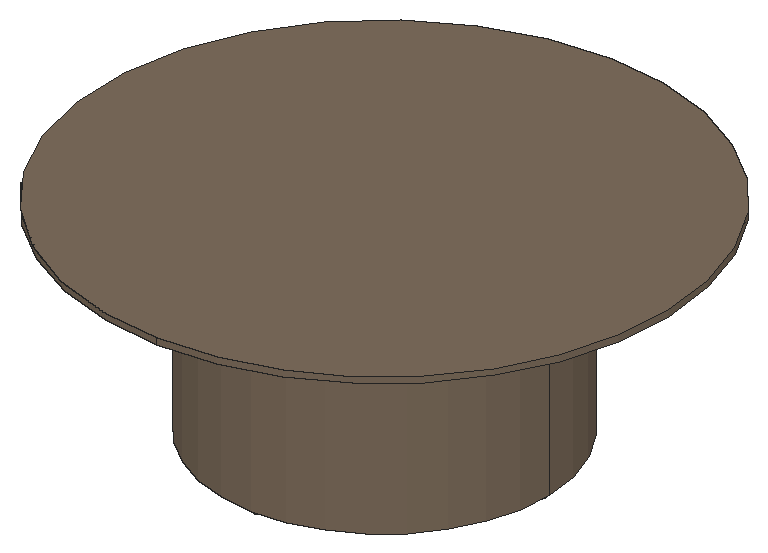
Revit family "Table-Teknion-CFRSTD_Figure_Table_Round_Drum_Base_Subtop-R2023", category Furniture, Revit 2023
Family settings
  OmniClass Number = 23.40.20.00
  OmniClass Title = General Furniture and Specialties
  Work Plane-Based = No
  Enable Cutting in Views = No
  Always vertical = Yes
  Cut with Voids When Loaded = No
  Render Appearance Source = Family Geometry
  Shared = Yes
  Room Calculation Point = No
Parameters (values of type "Round Table, Drum Base, Subtop")
  Width [instance] = Size - 16.000"  # 74.000"
  Warranty = "http://www.teknion.com/ca/papers/legal-canada"
  Unit Weight URL = "http://www.teknion.com/ca/tools/assets#&asset=bee6a381-b954-425e-8283-5a2de3a804f2,f828d448-4b62-4231-9e5f-9a8991c0ed77"
  URL = "www.teknion.com"
  To render please download texture images found here [instance] = "https://assets.teknion.com/web/5e81352c1dfdb467/revit-material-swatches/"
  Sustainability Data = "https://www.teknion.com/ca/tools/assets#&topic=216f99a5-57a0-44fc-b10a-9dee9b29ae4c&asset=444deb64-fe58-4b68-981e-f75e97781df7,b4ff2d81-9f2e-437d-9659-7cffb09c31cf"
  Size [instance] = 90.000"
  Series = "Custom Wood"  # constant formula
  Product Page URL = "https://www.teknion.com/ca/products/product-details?productLineId=f182336e-8e7a-673b-a6c8-ff00004460c4"
  Product Line = "Figure - Square Table"  # constant formula
  Product Documentation Link = "https://d2r72yk5wmppdj.cloudfront.net/m/7b6608f508e3c5a8/Community_Table_Cut_Sheet.pdf"
  Part Number = "CFRSTD"  # constant formula
  Model = "CFRSTD__"  # constant formula
  Manufacturer Phone = "416-661-3370"  # constant formula
  Manufacturer Fax = "416.661.4586"  # constant formula
  Manufacturer Contact Information = "http://www.teknion.com/ca/contactus"
  Manufacturer Address = "1150 Flint Road, Toronto, ON. M3J 2J5. Canada"  # constant formula
  Manufacturer = "Teknion"  # constant formula
  How To Use Teknion Materials User Guide [instance] = "https://assets.teknion.com/m/205dd0a49fa58060/original/How-to-add-a-Material-Library-and-Texture-Images-to-your-Revit-project.pdf"
  Glide Finish [instance] = Paint - Teknion - 52 - Ebony
  For Additional Finishes please visit [instance] = "https://assets.teknion.com/m/44a8009b046e5d47/original/Teknion_Materials_Library.zip"
  Description = "Figure Table, Round, Drum Base, Subtop"
  Default Elevation = 0.000"
  Base Size [instance] = if(Size < 61.000", 12.500", if(Size > 83.000", 21.500", if(Size = 78.000", 18.500", 15.500")))  # 21.500"
  Base Finish [instance] = Veneer-Teknion-UM-Natural_Veneer_V2-Dark_Brown_Cherry
  Available Size [instance] = "48\", 54\", 60\", 66\", 72\", 78\", 84\", 90\""  # constant formula
  Assembly Code = "E2020200"
Reference planes (in)
  plane 1 "Center Front/Back": y = 0
  plane 2: z = 0
  plane 3 "Center Left/Right": x = 0
  plane 4 "Left": x = -37
  plane 5 "Right": x = 37
  plane 6 "Back": y = 37
  plane 7 "Front": y = -37
  plane 8 "Top": z = 27.5
  plane 9: x = -20.5
  plane 10: y = 20.5
  plane 11: x = 20.5
  plane 12: y = -20.5
  plane 13: x = -21.5
  plane 14: y = 21.5
  plane 15: x = 21.5
  plane 16: y = -21.5
Forms (in)
  Sweep 1, solid, material "Veneer-Teknion-UM-Natural_Veneer_V2-Dark_Brown_Cherry" <- "Base Finish"
    path origin (0, 0, 0) x (1, 0, 0) y (0, 0, 1)
      loop
        line (0, 26.75) -> (0, 27.5)
    profile origin (0, 0, 27.125) x (-1, 0, 0) y (0, -1, 0)
      loop
        circle (0, 0) r 37
  Revolve 2, solid, material "Veneer-Teknion-UM-Natural_Veneer_V2-Dark_Brown_Cherry" <- "Base Finish"
    sketch origin (0, 0, 0) x (1, 0, 0) y (0, 0, 1)
      loop
        line (-17.25, 1.25) -> (-21.25, 1.25) -> (-21.25, 26) -> (-17.25, 26) -> (-17.25, 26.75) -> (-21.5, 26.75) -> (-21.5, 0.5) -> (-17.25, 0.5) -> (-17.25, 1.25)
      axis (0, 0.5) -> (0, 26.75)
    angle from 0 to 360
Lines and regions (in)
  Masking region 1
    outline origin (0, 0, 0) x (1, 0, 0) y (0, 1, 0)
      loop
        circle (0, 0) r 37
  symbolic lines, style "FurnitureHiddenLines", detail levels medium+fine
    curve 1: arc (-21.5, 0, 0) -> (0, 21.5, 0) -> (21.5, 0, 0) r 21.5
    curve 2: arc (21.5, 0, 0) -> (0, -21.5, 0) -> (-21.5, 0, 0) r 21.5
    curve 3: arc (21.25, 0, 0) -> (0, -21.25, 0) -> (-21.25, 0, 0) r 21.25
    curve 4: arc (-21.25, 0, 0) -> (0, 21.25, 0) -> (21.25, 0, 0) r 21.25
    curve 5: arc (-17.25, 0, 0) -> (0, 17.25, 0) -> (17.25, 0, 0) r 17.25
    curve 6: arc (17.25, 0, 0) -> (0, -17.25, 0) -> (-17.25, 0, 0) r 17.25
  reference lines
    curve 7: line (-37, 37, 0) -> (37, 37, 0)
    curve 8: line (-37, 37, 0) -> (-37, -37, 0)
    curve 9: line (37, 37, 0) -> (37, -37, 0)
    curve 10: line (-37, -37, 0) -> (37, -37, 0)
Dimensions and locks (in)
  "Width": plane 4 "Left" to plane 5 "Right"
  "Width": plane 6 "Back" to plane 7 "Front"
  plane 8 "Top" to level = 27.500"
  equal spacing: plane 4 "Left", plane 3 "Center Left/Right", plane 5 "Right"
  equal spacing: plane 6 "Back", plane 1 "Center Front/Back", plane 7 "Front"
  locked: plane 8 "Top" to Sweep 1 sketch curve at 0.75
  plane 3 "Center Left/Right" to Sweep 1 sketch curve to Sweep 1 sketch curve = 0.000" locked, 0.000" locked
  Revolve 2 sketch curve to Revolve 2 sketch curve to Revolve 2 sketch curve to Revolve 2 sketch curve to plane 2 = 0.750" locked, 24.750" locked, 0.750" locked, 0.500" locked
  locked: plane 14 to plane 10 at 1
  locked: plane 11 to plane 15 at 1
  locked: plane 12 to plane 16 at 1
  locked: plane 13 to plane 9 at 1
  "Base Size": plane 13 to plane 3 "Center Left/Right"
  "Base Size": plane 16 to plane 1 "Center Front/Back"
  "Base Size": plane 3 "Center Left/Right" to plane 15
  "Base Size": plane 1 "Center Front/Back" to plane 14
  Revolve 2 sketch curve to Revolve 2 sketch curve to Revolve 2 sketch curve to plane 13 = 0.000" locked, 4.000" locked, 0.250" locked
  locked: nested 3 to plane 2 at 0.5
  locked: nested 1 to plane 2 at 0.5
  locked: nested 4 to plane 2 at 0.5
  locked: nested 2 to plane 2 at 0.5
  aligned and locked: level to plane 2
  aligned and locked: plane 3 "Center Left/Right" to Sweep 1 sketch curve
  aligned and locked: plane 8 "Top" to Sweep 1 sketch curve
  aligned and locked: plane 6 "Back" to Sweep 1 sketch curve
  aligned and locked: plane 7 "Front" to Sweep 1 sketch curve
  aligned and locked: plane 3 "Center Left/Right" to Revolve 2 sketch curve
  aligned and locked: plane 3 "Center Left/Right" to nested 1
  aligned and locked: plane 12 to nested 1
  aligned and locked: plane 1 "Center Front/Back" to nested 3
  aligned and locked: plane 1 "Center Front/Back" to nested 2
  aligned and locked: plane 11 to nested 2
  aligned and locked: nested 3 to plane 9
  aligned and locked: plane 3 "Center Left/Right" to nested 4
  aligned and locked: nested 4 to plane 10
  aligned and locked: plane 13 to Revolve 2 sketch curve
  aligned and locked: Masking region 1 sketch curve to Sweep 1  (x2)
  aligned and locked: curve 1 to Revolve 2
  aligned and locked: curve 2 to Revolve 2
  aligned and locked: curve 3 to Revolve 2
  aligned and locked: curve 4 to Revolve 2
  aligned and locked: curve 5 to Revolve 2
  aligned and locked: curve 6 to Revolve 2
  aligned and locked: plane 1 "Center Front/Back" to nested 5
  aligned and locked: plane 3 "Center Left/Right" to nested 5
  aligned and locked: curve 7 to plane 6 "Back"
  aligned and locked: curve 8 to plane 4 "Left"
  aligned and locked: curve 9 to plane 5 "Right"
  aligned and locked: curve 10 to plane 7 "Front"
Automatic sketch dimensions
  Revolve 2 sketch curve to plane 8 "Top" = 7.750"
  plane 8 "Top" to Revolve 2 sketch curve = 5.250"
Nested families (in)
  nested 1: "Family2" at (0, -20.5, 0), Glide Finish <- "Glide Finish", type "Glide"
    with To render please download texture images found here "https://assets.teknion.com/web/5e81352c1dfdb467/revit-material-swatches/", How To Use Teknion Materials User Guide "https://assets.teknion.com/m/205dd0a49fa58060/original/How-to-add-a-Material-Library-and-Texture-Images-to-your-Revit-project.pdf", Glide Finish Paint - Teknion - 52 - Ebony, For Additional Finishes please visit "https://assets.teknion.com/m/44a8009b046e5d47/original/Teknion_Materials_Library.zip"
  nested 2: "Family2" at (20.5, 0, 0), Glide Finish <- "Glide Finish", type "Glide"
    with To render please download texture images found here "https://assets.teknion.com/web/5e81352c1dfdb467/revit-material-swatches/", How To Use Teknion Materials User Guide "https://assets.teknion.com/m/205dd0a49fa58060/original/How-to-add-a-Material-Library-and-Texture-Images-to-your-Revit-project.pdf", Glide Finish Paint - Teknion - 52 - Ebony, For Additional Finishes please visit "https://assets.teknion.com/m/44a8009b046e5d47/original/Teknion_Materials_Library.zip"
  nested 3: "Family2" at (-20.5, 0, 0), Glide Finish <- "Glide Finish", type "Glide"
    with To render please download texture images found here "https://assets.teknion.com/web/5e81352c1dfdb467/revit-material-swatches/", How To Use Teknion Materials User Guide "https://assets.teknion.com/m/205dd0a49fa58060/original/How-to-add-a-Material-Library-and-Texture-Images-to-your-Revit-project.pdf", Glide Finish Paint - Teknion - 52 - Ebony, For Additional Finishes please visit "https://assets.teknion.com/m/44a8009b046e5d47/original/Teknion_Materials_Library.zip"
  nested 4: "Family2" at (0, 20.5, 0), Glide Finish <- "Glide Finish", type "Glide"
    with To render please download texture images found here "https://assets.teknion.com/web/5e81352c1dfdb467/revit-material-swatches/", How To Use Teknion Materials User Guide "https://assets.teknion.com/m/205dd0a49fa58060/original/How-to-add-a-Material-Library-and-Texture-Images-to-your-Revit-project.pdf", Glide Finish Paint - Teknion - 52 - Ebony, For Additional Finishes please visit "https://assets.teknion.com/m/44a8009b046e5d47/original/Teknion_Materials_Library.zip"
  nested 5: "Teknion_2D_Node_Family-R2021" at (0, 0, 0), type "Teknion_2D_Node_Family-R2021"
Definition of nested family "Family2"
  Parameters (values of type "Glide")
    Warranty = "http://www.teknion.com/ca/papers/legal-canada"
    Unit Weight URL = "http://www.teknion.com/ca/tools/assets#&asset=bee6a381-b954-425e-8283-5a2de3a804f2,f828d448-4b62-4231-9e5f-9a8991c0ed77"
    URL = "www.teknion.com"
    To render please download texture images found here [instance] = "https://assets.teknion.com/web/5e81352c1dfdb467/revit-material-swatches/"
    Sustainability Data = "https://www.teknion.com/ca/tools/assets#&topic=216f99a5-57a0-44fc-b10a-9dee9b29ae4c&asset=444deb64-fe58-4b68-981e-f75e97781df7,b4ff2d81-9f2e-437d-9659-7cffb09c31cf"
    Series = ""
    Product Page URL = ""
    Product Line = ""
    Product Documentation Link = ""
    Part Number = ""
    Model = ""
    Manufacturer Phone = "416-661-3370"  # constant formula
    Manufacturer Fax = "416.661.4586"  # constant formula
    Manufacturer Contact Information = "http://www.teknion.com/ca/contactus"
    Manufacturer Address = "1150 Flint Road, Toronto, ON. M3J 2J5. Canada"  # constant formula
    Manufacturer = "Teknion"  # constant formula
    How To Use Teknion Materials User Guide [instance] = "https://assets.teknion.com/m/205dd0a49fa58060/original/How-to-add-a-Material-Library-and-Texture-Images-to-your-Revit-project.pdf"
    Glide Finish [instance] = none
    For Additional Finishes please visit [instance] = "https://assets.teknion.com/m/44a8009b046e5d47/original/Teknion_Materials_Library.zip"
    Description = "Glide"
    Default Elevation = 0.000"
    Assembly Code = "E2020200"
  Reference planes (in)
    plane 1 "Center Front/Back": y = 0
    plane 2: z = 0
    plane 3 "Center Left/Right": x = 0
    plane 4 "Left": x = -0.5
    plane 5 "Right": x = 0.5
    plane 6 "Back": y = 0.5
    plane 7 "Front": y = -0.5
    plane 8 "Top": z = 0.5
  Forms (in)
    Sweep 1, solid, material <- "Glide Finish"
      path origin (0, 0, 0) x (1, 0, 0) y (0, 0, 1)
        loop
          line (0, 0.5) -> (0, 0.375)
      profile origin (0, 0, 0.4375) x (0, -1, 0) y (1, 0, 0)
        loop
          line (-0.3125, 0.18042) -> (-0.3125, -0.18042) -> (0, -0.36084) -> (0.3125, -0.18042) -> (0.3125, 0.18042) -> (0, 0.36084) -> (-0.3125, 0.18042)
    Revolve 2, solid, material <- "Glide Finish"
      sketch origin (0, 0, 0) x (1, 0, 0) y (0, 0, 1)
        loop
          arc (-0.4, 0.375) -> (-0.47071, 0.34571) -> (-0.5, 0.275) r 0.1
          line (-0.5, 0.275) -> (-0.5, 0.1)
          arc (-0.5, 0.1) -> (-0.47071, 0.02929) -> (-0.4, 0) r 0.1
          line (-0.4, 0) -> (0, 0) -> (0, 0.375) -> (-0.4, 0.375)
        axis (0, 0) -> (0, 0.375)
      angle from 0 to 360
  Lines and regions (in)
    symbolic lines, detail levels fine
      curve 1: line (0.18042, 0.3125, 0) -> (-0.18042, 0.3125, 0)
      curve 2: line (-0.18042, 0.3125, 0) -> (-0.36084, 0, 0)
      curve 3: line (-0.36084, 0, 0) -> (-0.18042, -0.3125, 0)
      curve 4: line (-0.18042, -0.3125, 0) -> (0.18042, -0.3125, 0)
      curve 5: line (0.18042, -0.3125, 0) -> (0.36084, 0, 0)
      curve 6: line (0.36084, 0, 0) -> (0.18042, 0.3125, 0)
      curve 7: circle (0, 0, 0) r 0.5 normal (0, 0, 1)
  Dimensions and locks (in)
    plane 4 "Left" to plane 5 "Right" = 1.000"
    plane 6 "Back" to plane 7 "Front" = 1.000"
    plane 8 "Top" to level = 0.500"
    equal spacing: plane 7 "Front", plane 1 "Center Front/Back", plane 6 "Back"
    equal spacing: plane 4 "Left", plane 3 "Center Left/Right", plane 5 "Right"
    aligned and locked: level to plane 2
  Automatic sketch dimensions
    Sweep 1 sketch curve to plane 3 "Center Left/Right" = 0.000"
    Sweep 1 sketch curve to plane 8 "Top" = 0.000"
    Sweep 1 sketch curve to Sweep 1 sketch curve = 0.125"
    plane 1 "Center Front/Back" to Sweep 1 sketch curve = 0.000"  (x2)
    Sweep 1 sketch curve to plane 1 "Center Front/Back" = 0.3125"
    plane 1 "Center Front/Back" to Sweep 1 sketch curve = 0.3125"
    profile plane to Sweep 1 sketch curve = 0.36084"
    profile plane to Sweep 1 sketch curve = 0.18042"  (x2)
    Sweep 1 sketch curve to profile plane = 0.18042"  (x2)
    Sweep 1 sketch curve to Sweep 1 sketch curve = 0.18042"
    Revolve 2 sketch curve to plane 4 "Left" = 0.000"
    Revolve 2 sketch curve to level = 0.000"
    Revolve 2 sketch curve to plane 3 "Center Left/Right" = 0.000"  (x2)
    plane 4 "Left" to Revolve 2 sketch curve = 0.100"  (x2)
    Revolve 2 sketch curve to Revolve 2 sketch curve = 0.175"
    Revolve 2 sketch curve to Revolve 2 sketch curve = 0.05184"
    plane 8 "Top" to Revolve 2 sketch curve = 0.13729"
    plane 1 "Center Front/Back" to curve 2 = 0.000"
    plane 1 "Center Front/Back" to curve 7 = 0.000"
    curve 7 to plane 3 "Center Left/Right" = 0.000"
    plane 1 "Center Front/Back" to curve 6 = 0.000"
    curve 4 to plane 3 "Center Left/Right" = 0.18042"
    curve 1 to plane 3 "Center Left/Right" = 0.18042"
    plane 4 "Left" to curve 3 = 0.13916"
    plane 3 "Center Left/Right" to curve 5 = 0.18042"
    plane 3 "Center Left/Right" to curve 1 = 0.18042"
    plane 5 "Right" to curve 6 = 0.13916"
    curve 5 to plane 7 "Front" = 0.1875"
    curve 1 to plane 6 "Back" = 0.1875"
    radius of curve 7 = 0.500"
Definition of nested family "Teknion_2D_Node_Family-R2021"
  Reference planes (in)
    plane 1 "Center (Front/Back)": y = 0
    plane 2: z = 0
    plane 3 "Center (Left/Right)": x = 0
  Lines and regions (in)
    detail lines, in view "Ref. Level"
      curve 1: circle (0, 0, 0) r 1.25 normal (0, 0, 1)
      curve 2: line (1.91508, -1.91508, 0) -> (-1.91508, 1.91508, 0)
      curve 3: line (-1.91508, -1.91508, 0) -> (1.91508, 1.91508, 0)
